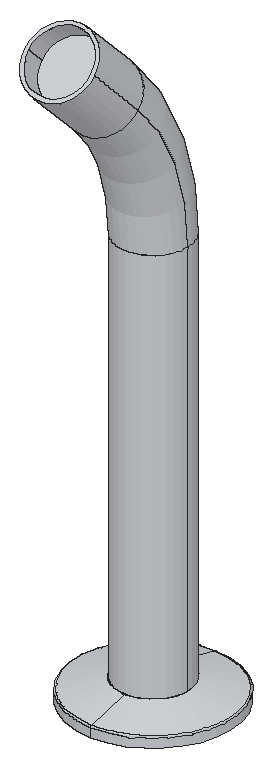
Revit family "Shower-Bath_Spout-KOHLER-Components-K-T77999", category Plumbing Fixtures, host Face, Revit 2015
Parameters (values of type "CP-Polished Chrome")
  Width = 2 3/8"  # constant formula
  Waste Water Outlet = "Waste Water Outlet"  # constant formula
  Waste Connection = 1 = 0  # no
  Vent Connection = 1 = 0  # no
  URL = "https://www.us.kohler.com/us/"
  Type = 1
  Spout Reach = 9 7/16"  # constant formula
  Product Page URL = "http://www.us.kohler.com/us/catalog/productDetails.jsp?productNumber=T77999"
  Product Name = "Components"  # constant formula
  Product Documentation Link = "http://www.us.kohler.com/onlinecatalog/pdf/K-T77999_spec.pdf"
  Pressure = 0.00 psi
  Model = if(Type = 1, "K-T77999-CP", if(Type = 2, "K-T77999-BN", if(Type = 3, "K-T77999-BL", if(Type = 4, "K-T77999-TT", "NA"))))  # "K-T77999-CP"
  Material = "Premium Metal Construction"  # constant formula
  MasterFormat 2004 = "22.41.39"  # constant formula
  MasterFormat 1995 = "15410"  # constant formula
  Manufacturer Address = "444 Highland Dr, Kohler, WI 53044"  # constant formula
  Manufacturer = "KOHLER Co."  # constant formula
  Length = 9 7/16"  # constant formula
  Hot Water Inlet = "Tempered Water Inlet"  # constant formula
  Height = 2 3/8"  # constant formula
  HW Connection = 1 = 1  # yes
  Flow Rate = 0 GPM
  Finish = Kohler-Metal-CP-Polished_Chrome
  Environmental Product Declaration = ""
  Drain Included = 1 = 0  # no
  Description = "Bath Spout"  # constant formula
  Default Elevation = 36"
  Declare Label = ""
  Date Modified = "07/11/2018"  # constant formula
  Date Created = "07/11/2018"  # constant formula
  Copyright = "Copyright KOHLER Co."  # constant formula
  Contact Us = "https://www.us.kohler.com/us/static/contact.jsp"
  Cold Water Inlet = "Cold Water Inlet"  # constant formula
  CW Connection = 1 = 0  # no
  Assembly Code = "D2010"
  ADA Compliant = 1 = 0  # no
Types (4): name | Type | Product Page URL | Product Documentation Link | Model | Finish
  (no name) | 1 | "http://www.us.kohler.com/us/catalog/productDetails.jsp?productNumber=T77999" | "http://www.us.kohler.com/onlinecatalog/pdf/K-T77999_spec.pdf" | "K-T77999-CP" | Kohler-Metal-CP-Polished_Chrome
  CP-Polished Chrome | 1 | "http://www.us.kohler.com/us/catalog/productDetails.jsp?productNumber=T77999" | "http://www.us.kohler.com/onlinecatalog/pdf/K-T77999_spec.pdf" | "K-T77999-CP" | Kohler-Metal-CP-Polished_Chrome
  BL-Matte Black | 3 | "http://www.us.kohler.com/us/catalog/productDetails.jsp?productNumber=77999" | "http://www.us.kohler.com/onlinecatalog/pdf/K-77999_spec.pdf" | "K-T77999-BL" | Kohler-Metal-BL-Matte_Black
  TT-Titanium | 4 | "http://www.us.kohler.com/us/catalog/productDetails.jsp?productNumber=77999" | "http://www.us.kohler.com/onlinecatalog/pdf/K-77999_spec.pdf" | "K-T77999-TT" | Kohler-Metal-TT-Vibrant_Titanium
Reference planes (in)
  plane 1 "Center (Front/Back)": y = 0
  plane 2: z = 0
  plane 3 "Center (Left/Right)": x = 0
  plane 4: x = -1.18107
  plane 5: x = 1.19393
  plane 6: z = 9.4375
  plane 7: y = -1.18107
  plane 8: y = 1.19393
Dimensions and locks (in)
  "Width": plane 4 to plane 5
  "Length": plane 2 to plane 6
  "Height": plane 7 to plane 8
  aligned and locked: plane 2 to host face
  aligned and locked: level to host face
Automatic sketch dimensions
  host sketch curve to host sketch curve = 96"  (x2)
Nested families (in)
  nested 1: "K-77999" at (0, 0, 0), type "K-77999"
Connectors (in)
  piping at (0, 0, 0), diameter 0.5, driven by "HW Connection", driven by "Hot Water Inlet"
    settings: on nested 1, index 2, connector inside diameter 24", connector length 0", flow factor 0, pipe flow 0 GPM, pressure drop 0.00 psi, fitting loss kfactor 0, connector angle 0.00°, fixture units 0, engagement length 0", angle of deflection 0.00°, flow configuration 1, flow direction 1, fitting loss method 0, system type 19, joint type 0, gender type 0, connector reference index -1, connector utility 1, adjustable connector no, is connector primary yes, connector description "Tempered Water Inlet"
Definition of nested family "K-77999"
  Parameters (values of type "K-77999")
    Material = none
  Reference planes (in)
    plane 1 "Center (Front/Back)": y = 0
    plane 2: z = 0
    plane 3 "Center (Left/Right)": x = 0
  Forms (in)
    Revolve 1, solid, material <- "Material", detail levels medium+fine
      sketch origin (0, 0, 0) x (0, 1, 0) y (0, 0, 1)
        loop
          line (1.18107, 0) -> (1.18107, 0.1394)
          arc (1.18107, 0.1394) -> (1.17602, 0.15398) -> (1.16303, 0.1623) r 0.02356
          line (1.16303, 0.1623) -> (0.54351, 0.31181) -> (0, 0.31181) -> (0, 0) -> (1.18107, 0)
        axis (0, 0.31181) -> (0, 0)
      angle from 0 to 360
    Sweep 2, solid, material <- "Material"
      path origin (0, 0, 0) x (0, 1, 0) y (0, 0, 1)
        loop
          line (0, 0.31181) -> (0, 6.3545)
          arc (0, 6.3545) -> (-0.24653, 7.59388) -> (-0.94859, 8.64459) r 3.23867
          line (-0.94859, 8.64459) -> (-1.77124, 9.46724)
      profile origin (0, 0, 3.33315) x (0, -1, 0) y (1, 0, 0)
        loop
          circle (0, 0) r 0.53115
    Extrusion 3, void
      sketch origin (0, -1.77124, 9.46724) x (1, 0, 0) y (0, 0.707107, 0.707107)
        loop
          circle (0, 0) r 0.47421
      from 0 to -0.34055
    Extrusion 4, solid, material <- "Material", detail levels coarse
      sketch origin (0, 0, 0) x (1, 0, 0) y (0, 1, 0)
        loop
          circle (0, 0) r 1.18107
      from 0 to 0.31181
  Cuts and joins
    Extrusion 3 cuts Sweep 2
  Lines and regions (in)
    Masking region 1
      outline origin (0, 0, 0) x (0, 1, 0) y (0, 0, 1)
        loop
          line (-1.39567, 9.84282) -> (-2.14682, 9.09167) -> (-1.32469, 8.26953)
          arc (-1.32469, 8.26953) -> (-0.73738, 7.39057) -> (-0.53115, 6.35376) r 2.70931
          line (-0.53115, 6.35376) -> (-0.53115, 0.31479) -> (-1.16276, 0.16243)
          arc (-1.16276, 0.16243) -> (-1.17594, 0.15398) -> (-1.18107, 0.13919) r 0.02391
          line (-1.18107, 0.13919) -> (-1.18107, 0) -> (1.18107, 0) -> (1.18107, 0.13919)
          arc (1.18107, 0.13919) -> (1.17594, 0.15398) -> (1.16276, 0.16243) r 0.02391
          line (1.16276, 0.16243) -> (0.53115, 0.31479) -> (0.53115, 6.34441)
          arc (0.53115, 6.34441) -> (0.24233, 7.79638) -> (-0.58014, 9.0273) r 3.79418
          line (-0.58014, 9.0273) -> (-1.39567, 9.84282)
    Masking region 2
      outline origin (0, 0, 0) x (1, 0, 0) y (0, 0, 1)
        loop
          spline (0.53115, 9.46724) -> (0.51305, 9.56445) -> (0.45999, 9.65503) -> (0.37558, 9.73282) -> (0.26557, 9.7925) -> (0.13747, 9.83003) -> (0, 9.84282) -> (-0.13747, 9.83003) -> (-0.26557, 9.7925) -> (-0.37558, 9.73282) -> (-0.45999, 9.65503) -> (-0.51305, 9.56445) -> (-0.53115, 9.46724)
          line (-0.53115, 9.46724) -> (-0.53115, 0.3148) -> (-1.16266, 0.16218)
          arc (-1.16266, 0.16218) -> (-1.17591, 0.15367) -> (-1.18107, 0.1388) r 0.02405
          line (-1.18107, 0.1388) -> (-1.18107, 0) -> (1.18107, 0) -> (1.18107, 0.1388)
          arc (1.18107, 0.1388) -> (1.17591, 0.15367) -> (1.16266, 0.16218) r 0.02405
          line (1.16266, 0.16218) -> (0.53115, 0.3148) -> (0.53115, 9.46724)
    Masking region 3
      outline origin (0, 0, 0) x (1, 0, 0) y (0, 1, 0)
        loop
          arc (0.53115, -1.05489) -> (0, 1.18107) -> (-0.53115, -1.05489) r 1.18107
          line (-0.53115, -1.05489) -> (-0.53115, -1.77124)
          spline (-0.53115, -1.77124) -> (-0.51305, -1.86845) -> (-0.45999, -1.95903) -> (-0.37558, -2.03682) -> (-0.26557, -2.0965) -> (-0.13747, -2.13403) -> (0, -2.14682) -> (0.13747, -2.13403) -> (0.26557, -2.0965) -> (0.37558, -2.03682) -> (0.45999, -1.95903) -> (0.51305, -1.86845) -> (0.53115, -1.77124)
          line (0.53115, -1.77124) -> (0.53115, -1.05489)
    symbolic lines, detail levels medium+fine
      curve 1: line (0, 0.53115, 0.31181) -> (0, -0.53115, 0.31181)
      curve 2: line (0.53115, 0, 0.3148) -> (-0.53115, 0, 0.3148)
      curve 3: spline (0.47421, -1.77124, 0) -> (0.45805, -1.85803, 0) -> (0.41068, -1.9389, 0) -> (0.33532, -2.00835, 0) -> (0.23711, -2.06164, 0) -> (0.12273, -2.09514, 0) -> (0, -2.10656, 0) -> (-0.12273, -2.09514, 0) -> (-0.23711, -2.06164, 0) -> (-0.33532, -2.00835, 0) -> (-0.41068, -1.9389, 0) -> (-0.45805, -1.85803, 0) -> (-0.47421, -1.77124, 0) -> (-0.45805, -1.68446, 0) -> (-0.41068, -1.60359, 0) -> (-0.33532, -1.53414, 0) -> (-0.23711, -1.48085, 0) -> (-0.12273, -1.44735, 0) -> (0, -1.43593, 0) -> (0.12273, -1.44735, 0) -> (0.23711, -1.48085, 0) -> (0.33532, -1.53414, 0) -> (0.41068, -1.60359, 0) -> (0.45805, -1.68446, 0) -> (0.47421, -1.77124, 0)
      curve 4: spline (0.53115, -1.77124, 0) -> (0.51305, -1.67404, 0) -> (0.45999, -1.58345, 0) -> (0.37558, -1.50567, 0) -> (0.26557, -1.44598, 0) -> (0.13747, -1.40846, 0) -> (0, -1.39567, 0) -> (-0.13747, -1.40846, 0) -> (-0.26557, -1.44598, 0) -> (-0.37558, -1.50567, 0) -> (-0.45999, -1.58345, 0) -> (-0.51305, -1.67404, 0) -> (-0.53115, -1.77124, 0)
      curve 5: spline (-0.44259, -1.65084, 0) -> (-0.39979, -1.71078, 0) -> (-0.34095, -1.76349, 0) -> (-0.26845, -1.80685, 0) -> (-0.18518, -1.83913, 0) -> (-0.09448, -1.85903, 0) -> (0, -1.86576, 0) -> (0.09448, -1.85903, 0) -> (0.18518, -1.83913, 0) -> (0.26845, -1.80685, 0) -> (0.34095, -1.76349, 0) -> (0.39979, -1.71078, 0) -> (0.44259, -1.65084, 0)
      curve 6: arc (-0.53115, -0.11524, 0) -> (0, 0.54351, 0) -> (0.53115, -0.11524, 0) r 0.54351
      curve 7: line (-0.53115, -1.05489, 0) -> (-0.53115, 0, 0)
      curve 8: line (0.53115, -1.05489, 0) -> (0.53115, 0, 0)
      curve 9: arc (-0.53115, 0, 0) -> (0, 0.53115, 0) -> (0.53115, 0, 0) r 0.53115
  Dimensions and locks (in)
    aligned and locked: plane 2 to level
